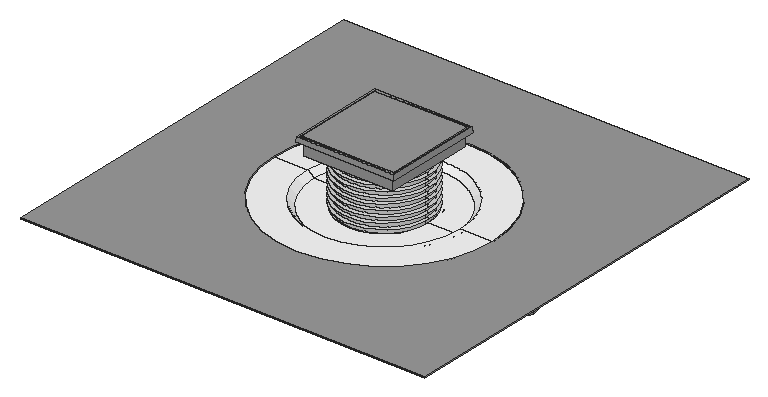
Revit family "HL_RU_Floor drain_HL90PrblueD-3000-B-221019", category Instalační zařizovací předměty, Revit 2021
Family settings
  Kóta kulaté spojky = Použít průměr
  Typ dílu = Normální
  Číslo OmniClass = 23.70.50.21.24.14
  Nadpis OmniClass = Deck Waste Water Drains
  Založené na pracovní rovině = Ne
  Vždy vertikální = Ano
  Ořezat dutým tvarem při načtení = Ne
  Sdílené = Ano
  Bod výpočtu místnosti = Ano
Parameters (values of type "HL90PrblueD-3000")
  РЕШЁТКА = "Edelstahl 115x115mm"
  РАЗМЕР = "DN40"
  ПРОПУСКНАЯ СПОСОБНОСТЬ = 0.4 L/s
  ПРОИЗВОДИТЕЛЬНОСТЬ = "0,40 l/s"
  ПРАВОВАЯ ИНФОРМАЦИЯ = "Авторские права(©), права на дизайн или какие либо другие права интелектуальной собственности являются исключительной собственностью компании HL Hutterer & Lechner. Изменению не подлежит. Файл семейства с данными о прозводителе изделия защищен паролем с водяным знаком."  # constant formula
  НОМИНАЛЬНЫЙ ДИАМЕТР = 40 mm
  НАСАДКА = "5-75mm/121mmx121mm"
  МАТЕРИАЛ = "ABS/PE"
  МАКСИМАЛЬНАЯ НАГРУЗКА КЛАССА = "K3 - 300 kg"
  ВЫСОТА МОНТАЖА = "74 mm"
  ВЕС = "0,731 [kg]"
  Výchozí výška = 0 mm
  Přípoj ventilace = no
  Výrobce = "HL Hutterer & Lechner GmbH"  # constant formula
  URL = "https://www.hutterer-lechner.com/ru/Products/catalog/Floor-drains/horizontal/without-flange/HL90PrblueD-3000.aspx"
  Přípoj odpadních dílů = yes
  Přípoj HW = no
  Popis = "Трапы для внутренних помещений"
  Model = "HL90PrblueD-3000"
  Komentáře k typům = "Трап с горизонтальным выпуском, с сухим сифоном Primus blue, перфорированным фланцем и подрамником из нержавеющей стали с системой крекления Klick-Klack"
  Keynote = "HL90PrblueD-3000"
  Высота монтажа [instance] = 144 mm
  EAN = "9003076050550"
  DN_test [instance] = if(НОМИНАЛЬНЫЙ ДИАМЕТР = 40 mm, 30 mm, 0 mm)  # 30 mm
  Přípoj CW = no
  B [instance] = Высота монтажа - 27.5 mm  # 116.5 mm
  A [instance] = if(B - 100 mm > 15 mm, B - 100 mm, 15 mm)  # 16.5 mm
Reference planes
  plane 1 "Center (Front/Back)": y = 0
  plane 2: z = 0
  plane 3 "Center (Left/Right)": x = 0
  plane 4 "Ball Joint Vertical": x = 25.45
  plane 5: z = -144
  plane 6: z = -116.5
Lines and regions (mm)
  model lines, style "InvisibleLines"
    curve 1: line (0, 0, 0) -> (0, 0, 1000)
  reference lines
    curve 2: line (0, 0, -116.5) -> (184.5, 0, -116.5)
  model lines, detail levels coarse+medium
    curve 3: line (0, 0, -116.5) -> (0, 0, -100)
    curve 4: line (0, 0, -100) -> (100, 0, 0)
    curve 5: line (0, 0, -100) -> (-100, 0, 0)
    curve 22: line (0, 0, -116.5) -> (185, 0, -116.5)
  symbolic lines, detail levels coarse+medium
    curve 6: line (-75, 75, 0) -> (75, 75, 0)
    curve 7: line (-75, -75, 0) -> (-75, 75, 0)
    curve 8: line (75, -75, 0) -> (-75, -75, 0)
    curve 9: line (75, 75, 0) -> (75, -75, 0)
    curve 10: line (75, 75, 0) -> (145.711, 145.711, 0)
    curve 11: line (75, -75, 0) -> (145.711, -145.711, 0)
    curve 12: line (-75, 75, 0) -> (-145.711, 145.711, 0)
    curve 13: line (-75, -75, 0) -> (-145.711, -145.711, 0)
  symbolic lines, not visible, detail levels coarse+medium
    curve 14: line (-75, 75, 0) -> (75, 75, 0)
    curve 15: line (-75, -75, 0) -> (-75, 75, 0)
    curve 16: line (75, -75, 0) -> (-75, -75, 0)
    curve 17: line (75, 75, 0) -> (75, -75, 0)
    curve 18: line (75, 75, 0) -> (145.711, 145.711, 0)
    curve 19: line (75, -75, 0) -> (145.711, -145.711, 0)
    curve 20: line (-75, 75, 0) -> (-145.711, 145.711, 0)
    curve 21: line (-75, -75, 0) -> (-145.711, -145.711, 0)
  symbolic lines, style "InvisibleLines", not visible
    curve 23: line (0, 0, 0) -> (0, 0, -30)
Text (mm)
  text "ПОЛ" at (-198.233, 0, -26.556), in view "Drain Construction View"
Dimensions and locks
  locked: plane 4 "Ball Joint Vertical" to plane 3 "Center (Left/Right)" at 25.45
  "Высота монтажа": plane 2 to plane 5
  "A": curve 5 to plane 6
  "B": curve 5 to plane 6
  "B": curve 4 to plane 6
  "B": plane 2 to plane 6
  "DN_test": curve 23 to curve 23
  locked: curve 4 to plane 3 "Center (Left/Right)" (angle 45.00°)
  locked: plane 3 "Center (Left/Right)" to curve 5 (angle 45.00°)
  aligned and locked: level to plane 2
  aligned and locked: plane 2 to curve 1
  aligned and locked: plane 3 "Center (Left/Right)" to curve 1
  aligned and locked: plane 3 "Center (Left/Right)" to curve 2
  aligned and locked: plane 3 "Center (Left/Right)" to curve 3
  aligned and locked: plane 3 "Center (Left/Right)" to curve 5
  aligned and locked: nested 4 to plane 5
  aligned and locked: curve 22 to curve 2
Automatic sketch dimensions
  curve 2 to plane 6 = 0 mm
  plane 4 "Ball Joint Vertical" to curve 2 = 159.05 mm
  curve 4 to curve 22 = 85 mm
  level to curve 1 = 1000 mm
Nested families
  nested 1: "HL_Решётка_HL037Pr.1E" at (0, 0, 0), type "HL037Pr.1E_Main Component"
  nested 2: "HL_Вкладыш сифона_HL090.5EKK" at (0, 0, -5.797), type "HL090.5EKK_Main Component"
  nested 3: "HL_Насадка_HL3200" at (0, 0, 0), type "HL3200_Main Component"
    with Высота монтажа 80 mm, RN 13, RL 84.5 mm, R yes, NL_Test yes, NL 100 mm
  nested 4: "HL_Корпус для трапа внутренних помещений_HL90KD" at (0, 0, -73.8), type "HL90KD_Main Component"
Connectors
  piping at (184.5, 0, -116.5), diameter 40, driven by "ПРОПУСКНАЯ СПОСОБНОСТЬ", driven by "НОМИНАЛЬНЫЙ ДИАМЕТР"
    settings: on curve 2, index 1, connector inside diameter 609.6 mm, connector length 0 mm, flow factor 0, pipe flow 0.4 L/s, pressure drop 0.0 Pa, fitting loss kfactor 0, connector angle 0.00°, fixture units 0, engagement length 0 mm, angle of deflection 0.00°, flow configuration 1, flow direction 2, fitting loss method 0, system type 16, joint type 0, gender type 0, connector reference index -1, connector utility 0, adjustable connector yes, is connector primary yes, connector description ""
Definition of nested family "HL_Решётка_HL037Pr.1E"
  Parameters (values of type "HL037Pr.1E")
    РАЗМЕР = "115x115mm"
    ПРАВОВАЯ ИНФОРМАЦИЯ = "Авторские права(©), права на дизайн или какие либо другие права интелектуальной собственности являются исключительной собственностью компании HL Hutterer & Lechner. Изменению не подлежит. Файл семейства с данными о прозводителе изделия защищен паролем с водяным знаком."  # constant formula
    МАТЕРИАЛ = "V2A"
    МАКСИМАЛЬНАЯ НАГРУЗКА КЛАССА = "K3 - 300 kg"
    ВЕС = "0,15 [kg]"
    Waste Connection = yes
    Default Elevation = 0 mm
    Vent Connection = no
    Manufacturer = "HL Hutterer & Lechner GmbH"  # constant formula
    URL = "http://www.hutterer-lechner.com/ru/products/catalog/floor-drains/attachments/HL037pr.1e.aspx"
    HW Connection = no
    Description = "Трапы для внутренних помещений - Комплектующие"
    Model = "HL037Pr.1E"
    Type Comments = "HL037Pr.1E Решётка из нержавеющей стали 115х115 мм"
    Keynote = "HL037Pr.1E"
    EAN = "9003076028474"
    CW Connection = no
  Reference planes
    plane 1 "Center (Front/Back)": y = 0
    plane 2: z = 0
    plane 3 "Center (Left/Right)": x = 0
    plane 4 "Ball Joint Vertical": x = 25.45
  Forms (mm)
    Extrusion 1, solid, detail levels fine
      sketch origin (0, 0, 0) x (1, 0, 0) y (0, 1, 0)
        loop
          line (57.5, 57.5) -> (-57.5, 57.5) -> (-57.5, -57.5) -> (57.5, -57.5) -> (57.5, 57.5)
      from 0 to -5
  Lines and regions (mm)
    model lines, detail levels fine
      curve 1: spline (-13.927, 0, 0) -> (-13.452, 1.165, 0) -> (-12.061, 2.25, 0) -> (-9.848, 3.182, 0) -> (-6.964, 3.897, 0) -> (-3.605, 4.347, 0) -> (0, 4.5, 0) -> (3.605, 4.347, 0) -> (6.964, 3.897, 0) -> (9.848, 3.182, 0) -> (12.061, 2.25, 0) -> (13.452, 1.165, 0) -> (13.927, 0, 0) -> (13.452, -1.165, 0) -> (12.061, -2.25, 0) -> (9.848, -3.182, 0) -> (6.964, -3.897, 0) -> (3.605, -4.347, 0) -> (0, -4.5, 0) -> (-3.605, -4.347, 0) -> (-6.964, -3.897, 0) -> (-9.848, -3.182, 0) -> (-12.061, -2.25, 0) -> (-13.452, -1.165, 0) -> (-13.927, 0, 0)
      curve 2: line (-5.9, 0.4, 0) -> (-11.9, 0.4, 0)
      curve 3: line (-3.65, -2, 0) -> (-3.65, 2, 0)
      curve 4: arc (-3.65, 2, 0) -> (-3.15, 2.5, 0) -> (-2.65, 2, 0) r 0.5
      curve 5: line (-2.65, 2, 0) -> (-2.65, 0.5, 0)
      curve 6: line (-2.65, 0.5, 0) -> (-0.65, 0.5, 0)
      curve 7: line (-0.65, 0.5, 0) -> (-0.65, 2, 0)
      curve 8: arc (-0.65, 2, 0) -> (-0.15, 2.5, 0) -> (0.35, 2, 0) r 0.5
      curve 9: line (0.35, 2, 0) -> (0.35, -2, 0)
      curve 10: arc (0.35, -2, 0) -> (-0.15, -2.5, 0) -> (-0.65, -2, 0) r 0.5
      curve 11: line (-0.65, -2, 0) -> (-0.65, -0.5, 0)
      curve 12: line (-0.65, -0.5, 0) -> (-2.65, -0.5, 0)
      curve 13: line (-2.65, -0.5, 0) -> (-2.65, -2, 0)
      curve 14: arc (-2.65, -2, 0) -> (-3.15, -2.5, 0) -> (-3.65, -2, 0) r 0.5
      curve 15: line (1.85, -2, 0) -> (1.85, 2, 0)
      curve 16: arc (1.85, 2, 0) -> (1.996, 2.354, 0) -> (2.35, 2.5, 0) r 0.5
      curve 17: arc (2.35, 2.5, 0) -> (2.704, 2.354, 0) -> (2.85, 2, 0) r 0.5
      curve 18: line (2.85, 2, 0) -> (2.85, -1, 0)
      curve 19: arc (2.85, -1, 0) -> (2.996, -1.354, 0) -> (3.35, -1.5, 0) r 0.5
      curve 20: line (3.35, -1.5, 0) -> (4.35, -1.5, 0)
      curve 21: arc (4.35, -1.5, 0) -> (4.85, -2, 0) -> (4.35, -2.5, 0) r 0.5
      curve 22: line (4.35, -2.5, 0) -> (2.35, -2.5, 0)
      curve 23: arc (2.35, -2.5, 0) -> (1.996, -2.354, 0) -> (1.85, -2, 0) r 0.5
      curve 24: line (12.1, 0.4, 0) -> (6.1, 0.4, 0)
      curve 25: line (-5.9, -0.4, 0) -> (-11.9, -0.4, 0)
      curve 26: line (12.1, -0.4, 0) -> (6.1, -0.4, 0)
      curve 27: line (-5.9, 0.4, 0) -> (-5.9, -0.4, 0)
      curve 28: line (-11.9, 0.4, 0) -> (-11.9, -0.4, 0)
      curve 29: line (6.1, 0.4, 0) -> (6.1, -0.4, 0)
      curve 30: line (12.1, 0.4, 0) -> (12.1, -0.4, 0)
      curve 31: arc (38.029, -24.059, 0) -> (45, 0, 0) -> (38.029, 24.059, 0) r 45
      curve 32: arc (38.029, 24.059, 0) -> (35.09, 25.896, 0) -> (31.82, 24.749, 0) r 4
      curve 33: arc (31.82, 24.749, 0) -> (30.673, 22.362, 0) -> (31.268, 19.782, 0) r 4
      curve 34: arc (31.268, 19.782, 0) -> (37, 0, 0) -> (31.268, -19.782, 0) r 37
      curve 35: arc (31.268, -19.782, 0) -> (30.673, -22.362, 0) -> (31.82, -24.749, 0) r 4
      curve 36: arc (31.82, -24.749, 0) -> (35.09, -25.896, 0) -> (38.029, -24.059, 0) r 4
      curve 37: arc (24.059, 38.029, 0) -> (0, 45, 0) -> (-24.059, 38.029, 0) r 45
      curve 38: arc (-24.059, 38.029, 0) -> (-25.896, 35.09, 0) -> (-24.749, 31.82, 0) r 4
      curve 39: arc (-24.749, 31.82, 0) -> (-22.362, 30.673, 0) -> (-19.782, 31.268, 0) r 4
      curve 40: arc (-19.782, 31.268, 0) -> (0, 37, 0) -> (19.782, 31.268, 0) r 37
      curve 41: arc (19.782, 31.268, 0) -> (22.362, 30.673, 0) -> (24.749, 31.82, 0) r 4
      curve 42: arc (24.749, 31.82, 0) -> (25.896, 35.09, 0) -> (24.059, 38.029, 0) r 4
      curve 43: arc (24.059, -38.029, 0) -> (0, -45, 0) -> (-24.059, -38.029, 0) r 45
      curve 44: arc (-24.059, -38.029, 0) -> (-25.896, -35.09, 0) -> (-24.749, -31.82, 0) r 4
      curve 45: arc (-24.749, -31.82, 0) -> (-22.362, -30.673, 0) -> (-19.782, -31.268, 0) r 4
      curve 46: arc (-19.782, -31.268, 0) -> (0, -37, 0) -> (19.782, -31.268, 0) r 37
      curve 47: arc (19.782, -31.268, 0) -> (22.362, -30.673, 0) -> (24.749, -31.82, 0) r 4
      curve 48: arc (24.749, -31.82, 0) -> (25.896, -35.09, 0) -> (24.059, -38.029, 0) r 4
      curve 49: arc (-38.029, -24.059, 0) -> (-45, 0, 0) -> (-38.029, 24.059, 0) r 45
      curve 50: arc (-38.029, 24.059, 0) -> (-35.09, 25.896, 0) -> (-31.82, 24.749, 0) r 4
      curve 51: arc (-31.82, 24.749, 0) -> (-30.673, 22.362, 0) -> (-31.268, 19.782, 0) r 4
      curve 52: arc (-31.268, 19.782, 0) -> (-37, 0, 0) -> (-31.268, -19.782, 0) r 37
      curve 53: arc (-31.268, -19.782, 0) -> (-30.673, -22.362, 0) -> (-31.82, -24.749, 0) r 4
      curve 54: arc (-31.82, -24.749, 0) -> (-35.09, -25.896, 0) -> (-38.029, -24.059, 0) r 4
    model lines
      curve 55: line (0, 0, 0) -> (0, 0, 100)
  Text (mm)
    text "ROOF/FLOOR" at (-198.233, 0, -26.556), in view "Drain Construction View"
  Dimensions and locks
    locked: plane 4 "Ball Joint Vertical" to plane 3 "Center (Left/Right)" at 25.45
    aligned and locked: level to plane 2
Definition of nested family "HL_Вкладыш сифона_HL090.5EKK"
  Parameters (values of type "HL090.5EKK_Main Component")
    ПРАВОВАЯ ИНФОРМАЦИЯ = "Авторские права(©), права на дизайн или какие либо другие права интелектуальной собственности являются исключительной собственностью компании HL Hutterer & Lechner. Изменению не подлежит. Файл семейства с данными о прозводителе изделия защищен паролем с водяным знаком."  # constant formula
    МАТЕРИАЛ = "PC/ABS"
    ВЕС = "0,11 [kg]"
    Waste Connection = yes
    Default Elevation = 0 mm
    Vent Connection = no
    Manufacturer = "HL Hutterer & Lechner GmbH"  # constant formula
    URL = "https://www.hutterer-lechner.com/ru/Products/catalog/Floor-drains/attachments/HL090.5EKK.aspx"
    HW Connection = no
    Description = "Трапы для внутренних помещений - Комплектующие"
    Model = "HL090.5EKK"
    Type Comments = "\"СУХОЙ\" сифон Primus blue для  системы Klick-Klack"
    Keynote = "HL090.5EKK"
    EAN = "9003076050581"
    CW Connection = no
  Reference planes
    plane 1 "Center (Front/Back)": y = 0
    plane 2: z = 0
    plane 3 "Center (Left/Right)": x = 0
    plane 4 "Ball Joint Vertical": x = 25.45
  Forms (mm)
    Revolve 1, solid, detail levels fine
      sketch origin (0, 0, 0) x (0, 1, 0) y (0, 0, 1)
        loop
          line (-44.7, 0) -> (-53, 0) -> (-53, -2) -> (-49.228, -2) -> (-49.228, -13.214) -> (-46.721, -13.214) -> (-46.721, -20.152) -> (0, -20.152) -> (0, -18.268) -> (-32.15, -18.268) -> (-44.7, -18.268) -> (-44.7, 0)
        axis (0, 0) -> (0, -20.152)
      angle from 0 to 360
    Extrusion 2, solid, detail levels fine
      sketch origin (0, 0, 0) x (1, 0, 0) y (0, 1, 0)
        loop
          line (34.626, 31.41) -> (-34.626, 31.41)
          arc (-34.626, 31.41) -> (-46.75, 0) -> (-34.626, -31.41) r 46.75
          line (-34.626, -31.41) -> (34.626, -31.41)
          arc (34.626, -31.41) -> (46.721, 0) -> (34.626, 31.41) r 46.834
      from -20.152 to -57
    Revolve 3, solid, detail levels fine
      sketch origin (0, 0, 0) x (0, 1, 0) y (0, 0, 1)
        loop
          arc (-49.228, -6.728) -> (-50.709, -8.655) -> (-49.228, -10.583) r 1.995
          line (-49.228, -10.583) -> (-49.228, -6.728)
        axis (0, -6.728) -> (0, -10.583)
      angle from 0 to 360
    Revolve 4, solid, detail levels fine
      sketch origin (0, 0, 0) x (0, 1, 0) y (0, 0, 1)
        loop
          line (0, -18.268) -> (0, 0) -> (-33.004, -1.346) -> (-33.004, -3.231) -> (-32.15, -3.231) -> (-32.15, -18.268) -> (0, -18.268)
        axis (0, 0) -> (0, -18.268)
      angle from 0 to 360
  Text (mm)
    text "ROOF/FLOOR" at (-198.233, 0, -26.556), in view "Drain Construction View"
  Dimensions and locks
    locked: plane 4 "Ball Joint Vertical" to plane 3 "Center (Left/Right)" at 25.45
    aligned and locked: level to plane 2
    aligned and locked: Extrusion 2 to Revolve 1
Definition of nested family "HL_Насадка_HL3200"
  Parameters
    РАЗМЕР = "d 110 mm"
    ПРАВОВАЯ ИНФОРМАЦИЯ = "Авторские права(©), права на дизайн или какие либо другие права интелектуальной собственности являются исключительной собственностью компании HL Hutterer & Lechner. Изменению не подлежит. Файл семейства с данными о прозводителе изделия защищен паролем с водяным знаком."  # constant formula
    НАСАДКА = "121 x 121 mm"
    МАТЕРИАЛ = "PP-V2A"
    Высота монтажа [instance] = 80 mm
    ВЫСОТА МОНТАЖА = "10 - 80 mm"
    ВЕС = "0,13 [kg]"
    Waste Connection = yes
    Default Elevation = 0 mm
    Vent Connection = no
    RD = 6.5 mm  # constant formula
    R [instance] = ((Высота монтажа - NL_Min) / RD - 1) > 2  # yes
    RL [instance] = if(Высота монтажа < 26 mm, 1 mm, RD * RN)  # 84.5 mm
    NL_Test [instance] = and(or(Высота монтажа < NL_Max, Высота монтажа = NL_Max), or(Высота монтажа > NL_Min, Высота монтажа = NL_Min))  # yes
    NL_Min = 10 mm
    NL_Max = 80 mm
    NL [instance] = if(NL_Test, Высота монтажа + 20 mm, 0 mm)  # 100 mm
    RN [instance] = if((Высота монтажа + 20 mm - NL_Min) / RD - 1 < 2, 2, (Высота монтажа + 20 mm - NL_Min) / RD - 1)  # 13
    Manufacturer = "HL Hutterer & Lechner GmbH"  # constant formula
    URL = "http://www.hutterer-lechner.com/ru/Products/catalog/floor-drains/attachments/HL3200.aspx"
    HW Connection = no
    Description = "Трапы для внутренних помещений - Комплектующие"
    Model = "HL3200"
    Type Comments = "HL3200 Насадные подрамники d 110/подрамники из нержавеющей стали (V2A) 121х121мм с О-кольцом. Система \"KLICK-KLACK\""
    Keynote = "HL3200"
    EAN = "9003076015399"
    CW Connection = no
  Reference planes
    plane 1 "Center (Front/Back)": y = 0
    plane 2: z = 0
    plane 3 "Center (Left/Right)": x = 0
    plane 4 "Ball Joint Vertical": x = 25.45
    plane 5: z = -100
  Forms (mm)
    Sweep 1, solid, detail levels fine
      path origin (0, 0, 0) x (1, 0, 0) y (0, 1, 0)
        loop
          line (-60.806, 60.806) -> (-60.806, -60.806) -> (60.806, -60.806) -> (60.806, 60.806) -> (-60.806, 60.806)
      profile origin (0, 60.806, 0) x (0, 1, 0) y (0, 0, 1)
        loop
          line (-2.806, 0) -> (-2.806, -5.3) -> (-6.306, -5.3) -> (-6.306, -8.3) -> (-9.767, -8.3) -> (-9.767, -21.997) -> (-5.806, -21.997) -> (-5.806, -6) -> (0, -6) -> (-0.525, 0) -> (-2.806, 0)
    Extrusion 2, solid, detail levels fine
      sketch origin (0, 0, 0) x (1, 0, 0) y (0, 1, 0)
        loop
          circle (0, 0) r 50
        loop
          line (-51.039, 51.039) -> (-51.039, -51.039) -> (51.039, -51.039) -> (51.039, 51.039) -> (-51.039, 51.039)
      from -19 to -21.997
    Revolve 3, solid, detail levels fine
      sketch origin (0, 0, 0) x (1, 0, 0) y (0, 0, 1)
        loop
          line (50, -21.997) -> (50, -100) -> (51.861, -100) -> (51.861, -21.997) -> (50, -21.997)
        axis (0, -21.997) -> (0, -100)
      angle from 0 to 360
  Lines and regions (mm)
    symbolic lines
      curve 1: line (0, 0, -100) -> (0, 0, 0)
    model lines
      curve 2: line (0, 0, 0) -> (0, 0, 100)
  Text (mm)
    text "ROOF/FLOOR" at (-198.233, 0, -26.556), in view "Drain Construction View"
  Dimensions and locks
    locked: plane 4 "Ball Joint Vertical" to plane 3 "Center (Left/Right)" at 25.45
    "NL": plane 2 to plane 5
    equal spacing: group 1, group 3, group 4, group 5, group 6, group 7, group 8, group 9, group 10, group 11, group 12, group 13, group 2  (x3)
    "RL": nested 2 to nested 1
    locked: nested 1 to plane 5 at 1.516
    aligned and locked: level to plane 2
    aligned and locked: plane 3 "Center (Left/Right)" to nested 1
    aligned and locked: plane 1 "Center (Front/Back)" to nested 1
    aligned and locked: plane 2 to curve 1
    aligned and locked: plane 5 to curve 1
    aligned and locked: Sweep 1 to Revolve 3 sketch curve
    aligned and locked: plane 5 to Revolve 3 sketch curve
  Automatic sketch dimensions
    Sweep 1 sketch curve to plane 3 "Center (Left/Right)" = 60.806 mm
    plane 4 "Ball Joint Vertical" to Sweep 1 sketch curve = 35.356 mm
    plane 1 "Center (Front/Back)" to Sweep 1 sketch curve = 60.806 mm
    Sweep 1 sketch curve to plane 1 "Center (Front/Back)" = 60.806 mm
    Sweep 1 sketch curve to profile plane = 0 mm  (x2)
    profile plane to Sweep 1 sketch curve = 0.525 mm
    Sweep 1 sketch curve to Sweep 1 sketch curve = 2.281 mm
    Sweep 1 sketch curve to Sweep 1 sketch curve = 3 mm  (x2)
    Sweep 1 sketch curve to Sweep 1 sketch curve = 0.5 mm
    Sweep 1 sketch curve to Sweep 1 sketch curve = 3.461 mm
    Sweep 1 sketch curve to profile plane = 5.3 mm
    Sweep 1 sketch curve to Sweep 1 sketch curve = 0.7 mm
    Sweep 1 sketch curve to Sweep 1 sketch curve = 13.697 mm
    plane 1 "Center (Front/Back)" to Extrusion 2 sketch curve = 0 mm
    Extrusion 2 sketch curve to plane 3 "Center (Left/Right)" = 0 mm
    Extrusion 2 sketch curve to plane 3 "Center (Left/Right)" = 51.039 mm
    plane 4 "Ball Joint Vertical" to Extrusion 2 sketch curve = 25.589 mm
    plane 1 "Center (Front/Back)" to Extrusion 2 sketch curve = 51.039 mm
    Extrusion 2 sketch curve to plane 1 "Center (Front/Back)" = 51.039 mm
    Revolve 3 sketch curve to plane 3 "Center (Left/Right)" = 0 mm
    plane 4 "Ball Joint Vertical" to Revolve 3 sketch curve = 24.55 mm
    Revolve 3 sketch curve to Revolve 3 sketch curve = 1.861 mm
    Revolve 3 sketch curve to level = 13.456 mm
    level to Revolve 3 sketch curve = 16.544 mm
    curve 2 to plane 3 "Center (Left/Right)" = 0 mm
    level to curve 2 = 100 mm
    radius of Extrusion 2 sketch curve = 50 mm
  Nested families
    nested 1: "Ring" at (0, 0, -98.484), visible <- "R", type "Ring"
    nested 2: "Ring" at (0, 0, -13.984), visible <- "R", type "Ring"
    nested 3: "Ring" at (0, 0, -91.442), visible <- "R", type "Ring"
    nested 4: "Ring" at (0, 0, -84.401), visible <- "R", type "Ring"
    nested 5: "Ring" at (0, 0, -77.359), visible <- "R", type "Ring"
    nested 6: "Ring" at (0, 0, -70.317), visible <- "R", type "Ring"
    nested 7: "Ring" at (0, 0, -63.276), visible <- "R", type "Ring"
    nested 8: "Ring" at (0, 0, -56.234), visible <- "R", type "Ring"
    nested 9: "Ring" at (0, 0, -49.192), visible <- "R", type "Ring"
    nested 10: "Ring" at (0, 0, -42.151), visible <- "R", type "Ring"
    nested 11: "Ring" at (0, 0, -35.109), visible <- "R", type "Ring"
    nested 12: "Ring" at (0, 0, -28.067), visible <- "R", type "Ring"
    nested 13: "Ring" at (0, 0, -21.026), visible <- "R", type "Ring"
  Definition of nested family "Ring"
    Parameters (values of type "Ring")
      Manufacturer = ""
      Default Elevation = 0 mm
      URL = ""
      R = D / 2  # 51.5 mm
      Description = ""
      Model = ""
      Material = none
      Type Comments = ""
      D = 103 mm
      Cost = 0
    Reference planes
      plane 1 "Střed (vpředu/vzadu)": y = 0
      plane 2: z = 0
      plane 3 "Střed (vlevo/vpravo)": x = 0
    Forms (mm)
      Revolve 1, solid, material <- "Material", detail levels fine
        sketch origin (0, 0, 0) x (1, 0, 0) y (0, 0, 1)
          loop
            line (-51.5, 1.482) -> (-54.764, 0) -> (-51.5, -1.516) -> (-51.5, 1.482)
          axis (0, 1.482) -> (0, -1.516)
        angle from 0 to 360
    Dimensions and locks
      "R": Revolve 1 sketch curve to plane 3 "Střed (vlevo/vpravo)"
      aligned and locked: level to plane 2
      aligned and locked: Revolve 1 sketch curve to plane 3 "Střed (vlevo/vpravo)"
    Automatic sketch dimensions
      Revolve 1 sketch curve to level = 0 mm
      Revolve 1 sketch curve to Revolve 1 sketch curve = 3.264 mm
      Revolve 1 sketch curve to level = 1.516 mm
      level to Revolve 1 sketch curve = 1.482 mm
      Revolve 1 sketch curve to level = 381 mm
      Revolve 1 sketch curve to Revolve 1 sketch curve = 2212.833 mm
Definition of nested family "HL_Корпус для трапа внутренних помещений_HL90KD"
  Parameters
    РАЗМЕР = "DN40"
    ПРАВОВАЯ ИНФОРМАЦИЯ = "Авторские права(©), права на дизайн или какие либо другие права интелектуальной собственности являются исключительной собственностью компании HL Hutterer & Lechner. Изменению не подлежит. Файл семейства с данными о прозводителе изделия защищен паролем с водяным знаком."  # constant formula
    МАТЕРИАЛ = "ABS/PE"
    ВЫСОТА МОНТАЖА = "69 mm"
    ВЕС = "0,27 [kg]"
    Waste Connection = yes
    Default Elevation = 0 mm
    Vent Connection = no
    Manufacturer = "HL Hutterer & Lechner GmbH"  # constant formula
    URL = "http://www.hutterer-lechner.com/ru/Products/catalog/floor-drains/attachments/HL90KD.aspx"
    HW Connection = no
    Description = "Трапы для внутренних помещений - Комплектующие"
    Model = "HL90KD"
    Type Comments = "HL90KD Корпус трапа с фланцем, покрытым синтетическим полотном, DN40"
    Keynote = "HL90KD"
    EAN = "9003076029532"
    CW Connection = no
  Reference planes
    plane 1 "Center (Front/Back)": y = 0
    plane 2: z = 0
    plane 3 "Center (Left/Right)": x = 0
    plane 4 "Ball Joint Vertical": x = 25.45
  Forms (mm)
    Revolve 1, solid, detail levels fine
      sketch origin (0, 0, 0) x (1, 0, 0) y (0, 0, 1)
        loop
          line (-57.85, -11.7) -> (-57.85, -54.7)
          arc (-57.85, -54.7) -> (-55.068, -61.418) -> (-48.35, -64.2) r 9.5
          line (-48.35, -64.2) -> (-37.502, -64.2)
          arc (-37.502, -64.2) -> (-33.124, -68.428) -> (-27.302, -70.2) r 13
          line (-27.302, -70.2) -> (0, -70.2) -> (0, -67.7) -> (-26.671, -67.7)
          arc (-26.671, -67.7) -> (-32.256, -66.137) -> (-35.99, -61.7) r 9.841
          line (-35.99, -61.7) -> (-47.738, -61.7)
          arc (-47.738, -61.7) -> (-53.064, -59.867) -> (-55.341, -54.715) r 7.04
          line (-55.341, -54.715) -> (-55.341, -8) -> (-87.003, -8) -> (-94.003, -1) -> (-135, -1) -> (-135, -3.7) -> (-96.536, -3.7) -> (-88.536, -11.7) -> (-57.85, -11.7)
        axis (0, -1) -> (0, -70.2)
      angle from 0 to 360
    Extrusion 2, solid, detail levels fine
      sketch origin (0, 0, 0) x (1, 0, 0) y (0, 1, 0)
        loop
          line (250, 250) -> (-250, 250) -> (-250, -250) -> (250, -250) -> (250, 250)
        loop
          circle (0, 0) r 135
      from -1 to 0
    Revolve 3, solid, detail levels fine
      sketch origin (0, 0, 0) x (1, 0, 0) y (0, 0, 1)
        loop
          line (94, -66.7) -> (94, -61.7) -> (44, -61.7) -> (44, -64.2) -> (84, -64.2) -> (84, -66.7) -> (94, -66.7)
        axis (94, -42.7) -> (44, -42.7)
      angle from 0 to 360
    Revolve 4, solid, detail levels fine
      sketch origin (0, 0, 0) x (1, 0, 0) y (0, 0, 1)
        loop
          line (184.5, -22.7) -> (118.175, -22.7)
          arc (118.175, -22.7) -> (109.455, -17.144) -> (99.3, -15.2) r 27.5
          line (99.3, -15.2) -> (92.5, -15.2) -> (92.5, -18.7) -> (107.315, -18.7) -> (118.5, -24.9) -> (184.5, -24.9) -> (184.5, -22.7)
        axis (92.5, -42.7) -> (184.5, -42.7)
      angle from 0 to 360
    Revolve 5, void
      sketch origin (0, 0, 0) x (1, 0, 0) y (0, 0, 1)
        loop
          line (0, -13.884) -> (-55.341, -13.884) -> (-55.341, -54.715)
          arc (-55.341, -54.715) -> (-53.077, -59.881) -> (-47.738, -61.7) r 7
          line (-47.738, -61.7) -> (0, -61.7) -> (0, -54.715) -> (0, -13.884)
        axis (0, -13.884) -> (0, -61.7)
      angle from 0 to 360
    Revolve 6, void
      sketch origin (0, 0, 0) x (1, 0, 0) y (0, 0, 1)
        loop
          line (92.5, -42.7) -> (92.5, -23.7) -> (37.5, -23.7) -> (37.5, -42.7) -> (92.5, -42.7)
        axis (92.5, -42.7) -> (37.5, -42.7)
      angle from 0 to 360
  Cuts and joins
    Revolve 5, Revolve 6 cuts Revolve 3
    Revolve 6 cuts Revolve 1
  Text (mm)
    text "ROOF/FLOOR" at (-198.233, 0, -26.556), in view "Drain Construction View"
  Dimensions and locks
    locked: plane 4 "Ball Joint Vertical" to plane 3 "Center (Left/Right)" at 25.45
    aligned and locked: level to plane 2
